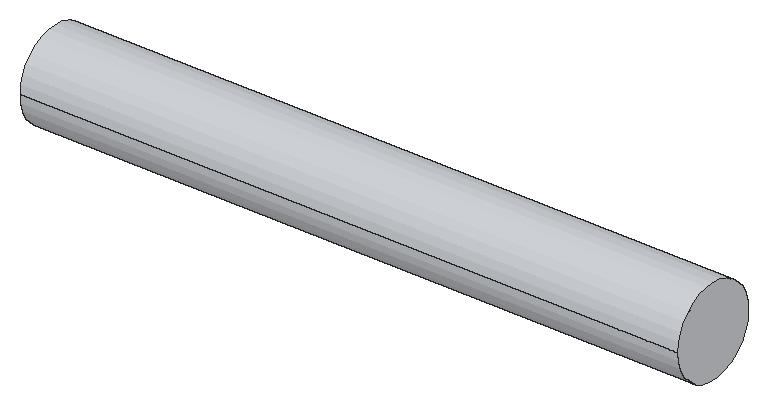
Revit family "G06 structure frames", category Structural Framing, Revit 2023
Family settings
  Section Shape = Not Defined
  Material for Model Behavior = Other
  Always export as geometry = No
  OmniClass Number = 23.25.30.11.14.14
  OmniClass Title = Beams
  Always vertical = Yes
  Cut with Voids When Loaded = No
  Symbolic Representation = From Family
  Shared = No
  Show family pre-cut in plan views = Yes
Parameters
  r start [instance] = 0 mm
  r end [instance] = 0 mm
  Length [instance] = 3000 mm
Reference planes
  plane 1 "Center (Front/Back)": y = 0
  plane 2 "Center Elevation": z = 0
  plane 3 "Center (Left/Right)": x = 0
  plane 4 "Start": x = -1500
  plane 5 "End": x = 1500
Forms (mm)
  SweptBlend 1, solid
    path in 3D
      loop
        line (-1500, 0, 0) -> (1500, 0, 0)
    profile origin (-1500, 0, 0) x (0, 1, 0) y (0, 0, 1)
      loop
        circle (0, 0) r 200
    end profile origin (1500, 0, 0) x (0, 1, 0) y (0, 0, 1)
      loop
        circle (0, 0) r 200
Lines and regions (mm)
  reference lines
    curve 1: line (-1500, 0, 0) -> (1500, 0, 0)
  sketch lines
    curve 2: line (-1500, 0, 0) -> (1500, 0, 0)
Dimensions and locks
  "Length": plane 4 "Start" to plane 5 "End"
  equal spacing: plane 4 "Start", plane 3 "Center (Left/Right)", plane 5 "End"
  radius of SweptBlend 1 sketch curve = 200 mm  (x2)
  aligned and locked: level to plane 2 "Center Elevation"
Automatic sketch dimensions
  plane 1 "Center (Front/Back)" to curve 1 = 0 mm
  curve 1 to plane 4 "Start" = 0 mm
  curve 1 to plane 5 "End" = 0 mm
  SweptBlend 1 sketch curve to profile plane = 0 mm  (x4)
